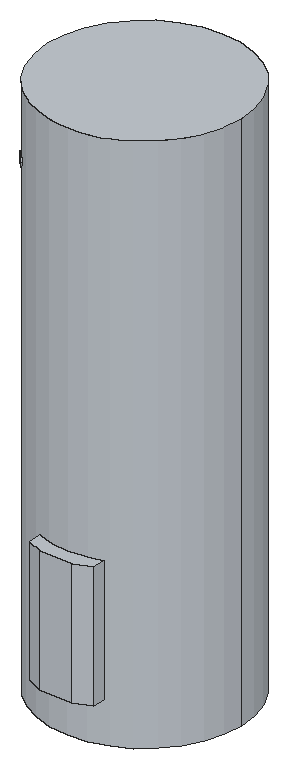
Revit family "Electric_Water_Heater-Rheem-Induro_Series--", category Mechanical Equipment, Revit 2021
Family settings
  Round Connector Dimension = Use Diameter
  Classification = None
  Part Type = Normal
  OmniClass Number = 23.65.00.00
  OmniClass Title = Supply and Distribution of Liquids and Gases
  Work Plane-Based = No
  Always vertical = Yes
  Cut with Voids When Loaded = No
  Shared = No
  Room Calculation Point = No
Parameters (values of type "6N3315M7")
  Water Pressure Drop = 0.0 kPa
  Water Heater Array Quantity [instance] = 1
  Water Flow Warning [instance] = Water Flow > Maximum Flow Rate  # no
  Water Flow [instance] = 0.0 L/s
  Voltage Comments = "400 VAC"
  Voltage = 400 V
  Version = 1
  Unit Weight = 58.000 kgf
  URL = "https://www.rheem.com.au/"
  Top Hook Height = 110 mm
  Tank Volume = 325.00 L
  Tank Outside Radius = Tank Outside Diameter / 2  # 310.5 mm
  Tank Outside Diameter = 621 mm
  Tank Material = Metal - Rheem - Stainless Steel
  Tank Height = 1748 mm
  TPR Valve Vertical Offset = 1403 mm
  TPR Valve Size = 20 mm
  System Flow Coefficient [instance] = if(Water Heater Array Quantity < 2, 1, 1 / Water Heater Array Quantity)  # 100.00%
  Series = "INDURO"  # constant formula
  Product Page URL = "https://www.rheem.com.au/rheem/products/Commercial/Commercial-Electric/Heavy-Duty-Electric/Rheem-Heavy-Duty-Electric-Water-Heater---315L-with-3-Elements/p/61331508"
  Pipe Offset = Tank Outside Radius + 2 mm  # 312.5 mm
  Phase = 3
  Connector Offset 2 [instance] = if(Cold Water Adapter Option, Tank Outside Radius + 83 mm, Pipe Offset)  # 312.5 mm
  Connector Offset 1 [instance] = if(Hot Water Adapter Option, Tank Outside Radius + 83 mm, Pipe Offset)  # 312.5 mm
  Number of Poles = if(and(Voltage < 208 V, Phase = 1), 1, if(and(and(Voltage > 120 V, Voltage < 240 V), Phase = 1), 2, if(and(and(Voltage > 120 V, Voltage < 240 V), Phase = 3), 3, if(and(and(Voltage > 208 V, Voltage < 277 V), Phase = 1), 2, if(and(and(Voltage > 208 V, Voltage < 277 V), Phase = 3), 3, if(and(and(Voltage > 240 V, Voltage < 480 V), Phase = 1), 1, if(and(Voltage > 277 V, Phase = 1), 1, if(and(Voltage > 277 V, Phase = 3), 3, 0))))))))  # 3
  Model = "6N3315M7"
  Maximum Working Pressure = 1000.0 kPa
  Maximum Flow Rate = 315.0 L/s
  Maximum DHW Pressure = 680.0 kPa
  Manufacturer = "Rheem"  # constant formula
  Load Sub-Classification Motor = yes
  Load Classification = Power
  Hot Water Outlet Vertical Offset = 1182 mm
  Hot Water Flow Return Offset = 879 mm
  Hot Water Connection Size = 32 mm
  Full Load Current = 15 A
  Frequency = 60 Hz
  Flow Status [instance] = if(Water Flow Warning, "Flow Rate Exceeds Maximum Delivery Rating", "✔")  # "✔"
  Element Wattage = 3600 W
  Electric Heat Power = 14400 W
  ENGworks Global = "www.ENGworksGlobal.com"
  Description = "Electric Hot Water Heater"
  Default Elevation = 0 mm
  Connector Disk Length = 8 mm
  Cold Water Inlet Vertical Offset = 241 mm
  Cold Water Connection Vertical Offset [instance] = if(Cold Water Adapter Option, 128 mm, Cold Water Inlet Vertical Offset)  # 241 mm
  Cold Water Connection Size = 32 mm
  Cold Water Adapter Option [instance] = no
  Base Mount Offset From Center = 220 mm
  Assembly Code = "D3020"
  Apparent Power = (Full Load Current * Voltage) * if(Phase = 3, sqrt(3), 1)  # 10392.3 VA
  Hot Water Adapter Option [instance] = no
Types (2, lengths in mm): name | Product Page URL | Model | Full Load Current | Element Wattage | Connector Disk Length | Apparent Power
  6N3315M7 | "https://www.rheem.com.au/rheem/products/Commercial/Commercial-Electric/Heavy-Duty-Electric/Rheem-Heavy-Duty-Electric-Water-Heater---315L-with-3-Elements/p/61331508" | "6N3315M7" | 15 A | 3600 W | 8 | 10392.3 VA
  6N3315M8 | "https://www.rheem.com.au/rheem/products/Commercial/Commercial-Electric/c/commercial-electric" | "6N3315M8" | 20 A | 4800 W | 8.336 | 13856.4 VA
Reference planes
  plane 1 "Center (Front/Back)": y = 0
  plane 2: z = 0
  plane 3 "Center (Left/Right)": x = 0
  plane 4: z = 1748
  plane 5: z = 1423
  plane 6: z = 241
  plane 7: x = -335.5
  plane 8: x = -310.5
  plane 9: x = 335.5
  plane 10: y = 310.5
  plane 11: y = -310.5
  plane 12: y = -356.5
  plane 13: z = 132
  plane 14: z = 532
  plane 15: x = -103.5
  plane 16: x = 103.5
  plane 17: y = -333.5
  plane 18: x = -51.75
  plane 19: x = 51.75
  plane 20: y = -155.25
  plane 21: x = 310.5
  plane 22: z = 128
  plane 23: z = 1531
  plane 24: z = 241
Forms (mm)
  Sweep 1, solid, material "Metal - Rheem - Stainless Steel" <- "Tank Material"
    path origin (0, 0, 0) x (1, 0, 0) y (0, 0, 1)
      loop
        line (0, 1748) -> (0, 0)
    profile "Profile-Round : Tank OD Profile" origin (0, 0, 874) x (1, 0, 0) y (0, -1, 0)
      loop
        circle (0, 0) r 310.5
  Sweep 2, solid, material "Metal - Rheem - Stainless Steel" <- "Tank Material"
    path origin (0, 0, 0) x (1, 0, 0) y (0, 0, 1)
      loop
        line (0, 132) -> (0, 532)
    profile origin (0, 0, 332) x (-1, 0, 0) y (0, -1, 0)
      loop
        line (51.75, 356.5) -> (-51.75, 356.5) -> (-103.5, 333.5) -> (-103.5, 155.25) -> (103.5, 155.25) -> (103.5, 333.5) -> (51.75, 356.5)
  Sweep 3, solid, material "Metal - Rheem - Stainless Steel" <- "Tank Material"
    path in 3D
      loop
        line (0, 0, 1423) -> (-306.758, -59.628, 1423)
    profile "Profile-Round : DHW Connection Profile" origin (-153.379, -29.814, 1423) x (0.190809, -0.981627, 0) y (0, 0, 1)
      loop
        circle (0, 0) r 32
  Sweep 4, solid, material "Metal - Rheem - Stainless Steel" <- "Tank Material"
    path in 3D
      loop
        line (0, 0, 241) -> (-306.758, -59.628, 241)
    profile "Profile-Round : Cold Water Connection Profile" origin (-153.379, -29.814, 241) x (0.190809, -0.981627, 0) y (0, 0, 1)
      loop
        circle (0, 0) r 32
  Sweep 5, solid, material "Metal - Rheem - Stainless Steel" <- "Tank Material"
    path in 3D
      loop
        line (0, 0, 1531) -> (-235.847, -205.018, 1531)
    profile "Profile-Round : TPR Valve Profile" origin (-117.923, -102.509, 1531) x (0.656059, -0.75471, 0) y (0, 0, 1)
      loop
        circle (0, 0) r 20
  Sweep 6, solid, not visible, detail levels fine
    path origin (-614.368, -4572, 1423) x (-1, 0, 0) y (0, -1, 0)
      loop
        line (-307.609, -4512.372) -> (-315.462, -4513.899)
    profile "Profile-Round : Connector Disk Radius" origin (-302.832, -58.865, 1423) x (-0.190809, 0.981627, 0) y (0, 0, 1)
      loop
        circle (0, 0) r 8
  Sweep 7, solid, not visible, detail levels fine
    path origin (-614.368, -4572, 241) x (-1, 0, 0) y (0, -1, 0)
      loop
        line (-307.609, -4512.372) -> (-315.462, -4513.899)
    profile "Profile-Round : Connector Disk Radius" origin (-302.832, -58.865, 241) x (-0.190809, 0.981627, 0) y (0, 0, 1)
      loop
        circle (0, 0) r 8
Cuts and joins
  joined: Sweep 1, Sweep 2
Lines and regions (mm)
  reference lines
    curve 1: line (0, 0, 1423) -> (-306.758, -59.628, 1423)
    curve 2: line (0, 0, 241) -> (-306.758, -59.628, 241)
    curve 5: line (0, 0, 1531) -> (-235.847, -205.018, 1531)
    curve 8: line (-325.839, 38.535, 0) -> (-306.758, -59.628, 0)
    curve 9: line (-325.839, 38.535, 0) -> (-306.758, -59.628, 0)
    curve 10: line (-307.492, -13.928, 0) -> (-298.905, -58.101, 0)
    curve 11: line (-310.354, 0.796, 0) -> (-298.905, -58.101, 0)
  sketch lines
    curve 3: line (0, 0, 1423) -> (-306.758, -59.628, 1423)
    curve 4: line (0, 0, 241) -> (-306.758, -59.628, 241)
    curve 6: line (0, 0, 1531) -> (-235.847, -205.018, 1531)
  model lines
    curve 7: circle (0, 0, 0) r 310.5 normal (0, 0, 1)
Dimensions and locks
  "Tank Height": plane 4 to plane 2
  "Cold Water Inlet Vertical Offset": plane 6 to plane 2
  equal spacing: plane 9, plane 3 "Center (Left/Right)", plane 7
  equal spacing: plane 10, plane 1 "Center (Front/Back)", plane 11
  "Tank Outside Radius": plane 1 "Center (Front/Back)" to plane 11
  locked: plane 7 to plane 8 at 25
  "Tank Outside Radius": plane 3 "Center (Left/Right)" to plane 8
  locked: plane 12 to plane 10 at 667
  locked: plane 13 to plane 2 at 132
  locked: plane 14 to plane 13 at 400
  equal spacing: plane 8, plane 15, plane 16, plane 21
  equal spacing: plane 11, plane 17, plane 12
  equal spacing: plane 3 "Center (Left/Right)", plane 19, plane 16
  equal spacing: plane 15, plane 18, plane 3 "Center (Left/Right)"
  equal spacing: plane 1 "Center (Front/Back)", plane 20, plane 11
  "Tank Outside Radius": plane 3 "Center (Left/Right)" to plane 21
  "Pipe Offset": curve 1 to curve 1
  "Pipe Offset": curve 2 to curve 2
  "Pipe Offset": curve 5 to curve 5
  locked: plane 22 to plane 2 at 128
  "TPR Valve Vertical Offset": plane 23 to plane 22
  locked: plane 1 "Center (Front/Back)" to curve 7
  locked: plane 3 "Center (Left/Right)" to curve 7
  "Hot Water Outlet Vertical Offset": plane 5 to plane 6
  locked: curve 8 to curve 2 at 100
  "Connector Offset 1": curve 8 to curve 2
  locked: curve 9 to curve 2 at 100
  "Connector Offset 2": curve 9 to curve 2
  locked: curve 11 to curve 2 at 60
  locked: curve 10 to curve 2 at 45
  "Connector Disk Length": curve 8 to curve 10
  "Connector Disk Length": curve 9 to curve 11
  "Cold Water Connection Vertical Offset": plane 24 to plane 2
  "Tank Outside Radius": radius of curve 7
  locked: plane 1 "Center (Front/Back)" to curve 1 (angle 11.00°)
  locked: plane 1 "Center (Front/Back)" to curve 2 (angle 11.00°)
  locked: plane 1 "Center (Front/Back)" to curve 5 (angle 41.00°)
  locked: curve 2 to curve 8 (angle 90.00°)
  locked: curve 2 to curve 9 (angle 90.00°)
  aligned and locked: plane 2 to level
  aligned and locked: plane 4 to Sweep 1 sketch curve
  aligned and locked: plane 2 to Sweep 1 sketch curve
  aligned and locked: Sweep 1 sketch curve to plane 3 "Center (Left/Right)"
  aligned and locked: plane 3 "Center (Left/Right)" to Sweep 2 sketch curve
  aligned and locked: plane 14 to Sweep 2 sketch curve
  aligned and locked: plane 13 to Sweep 2 sketch curve
  aligned and locked: Sweep 2 sketch curve to plane 16
  aligned and locked: Sweep 2 sketch curve to plane 20
  aligned and locked: Sweep 2 sketch curve to plane 15
  aligned and locked: plane 12 to Sweep 2 sketch curve
  aligned and locked: plane 18 to Sweep 2 sketch curve
  aligned and locked: plane 19 to Sweep 2 sketch curve
  aligned and locked: plane 17 to Sweep 2 sketch curve  (x2)
  aligned and locked: plane 3 "Center (Left/Right)" to curve 1
  aligned and locked: plane 1 "Center (Front/Back)" to curve 2
  aligned and locked: plane 3 "Center (Left/Right)" to curve 2
  aligned and locked: plane 1 "Center (Front/Back)" to curve 5
  aligned and locked: plane 1 "Center (Front/Back)" to nested 1
  aligned and locked: plane 3 "Center (Left/Right)" to nested 1
  aligned and locked: curve 1 to nested 2
  aligned and locked: curve 1 to nested 3
  aligned and locked: plane 6 to nested 3
  aligned and locked: plane 5 to nested 2
  aligned and locked: curve 2 to curve 8
  aligned and locked: curve 2 to curve 9
  aligned and locked: curve 2 to curve 11
  aligned and locked: curve 2 to curve 10
  aligned and locked: curve 8 to Sweep 6 sketch curve
  aligned and locked: curve 10 to Sweep 6 sketch curve
  aligned and locked: Sweep 6 sketch curve to curve 2
  aligned and locked: curve 11 to Sweep 7 sketch curve
  aligned and locked: curve 9 to Sweep 7 sketch curve
  aligned and locked: Sweep 7 sketch curve to curve 2
Automatic sketch dimensions
  curve 5 to plane 3 "Center (Left/Right)" = 0 mm
  plane 1 "Center (Front/Back)" to curve 1 = 0 mm
Nested families
  nested 1: "Symbol-Warning_Message" at (0, 0, 0), visible <- "Water Flow Warning", type "Symbol"
  nested 2: "Hot Water Threaded Adapter" at (-306.758, -59.628, 1423) x (-0.9816, -0.1908, 0) z (0, 0, 1), visible <- "Hot Water Adapter Option", type "Standard", detail levels fine
    with built-in parameter 1114238 (empty or 0)
  nested 3: "Cold Water Threaded Adapter" at (-306.758, -59.628, 241) x (-0.9816, -0.1908, 0) z (0, 0, 1), visible <- "Cold Water Adapter Option", type "Standard", detail levels fine
    with built-in parameter 1114238 (empty or 0)
Connectors
  piping at (-306.758, -59.628, 241), diameter 32, driven by "Cold Water Connection Size", driven by "Water Flow", driven by "Water Pressure Drop"
    settings: on Sweep 7, index 1, connector inside diameter 609.6 mm, connector length 0 mm, flow factor 0, pipe flow 0.0 L/s, pressure drop 0.0 kPa, fitting loss kfactor 0, connector angle 0.00°, fixture units 0, engagement length 0 mm, angle of deflection 0.00°, flow configuration 1, flow direction 1, fitting loss method 4, system type 20, joint type 0, gender type 0, connector reference index -1, connector utility 0, adjustable connector no, is connector primary yes, connector description "Cold Water Inlet"
  piping at (-306.758, -59.628, 1423), diameter 32, driven by "Hot Water Connection Size", driven by "System Flow Coefficient", driven by "Water Flow"
    settings: on Sweep 6, index 2, connector inside diameter 609.6 mm, connector length 0 mm, flow factor 1, pipe flow 0.0 L/s, pressure drop 0.0 kPa, fitting loss kfactor 0, connector angle 0.00°, fixture units 0, engagement length 0 mm, angle of deflection 0.00°, flow configuration 2, flow direction 2, fitting loss method 0, system type 19, joint type 0, gender type 0, connector reference index -1, connector utility 0, adjustable connector no, is connector primary no, connector description "Hot Water Supply"
  piping at (-235.847, -205.018, 1531), diameter 20, driven by "TPR Valve Size"
    settings: on Sweep 5, index 3, connector inside diameter 609.6 mm, connector length 0 mm, flow factor 0, pipe flow 0.0 L/s, pressure drop 0.0 kPa, fitting loss kfactor 0, connector angle 0.00°, fixture units 0, engagement length 0 mm, angle of deflection 0.00°, flow configuration 1, flow direction 2, fitting loss method 0, system type 22, joint type 0, gender type 0, connector reference index -1, connector utility 0, adjustable connector no, is connector primary no, connector description "T&PR Valve Outlet"
  electrical at (0, -281.75, 132), driven by "Number of Poles", driven by "Load Classification", driven by "Load Sub-Classification Motor", driven by "Voltage", driven by "Apparent Power"
    settings: on Sweep 2, index 4, voltage 400 V, apparent load 10392.3 VA, apparent load phase1 0 VA, apparent load phase2 0 VA, apparent load phase3 0 VA, power factor 1, load classification "Power", number of poles 3, system type 30, power factor state 1, is connector primary yes, connector utility no, sub classification motor yes, connector description "Power"
Definition of nested family "Hot Water Threaded Adapter"
  Parameters (values of type "Standard")
    URL = "https://www.rheem.com.au/"
    Thread Length = Adapter Length * 0.15  # 12.15 mm
    Model = ""
    Manufacturer = "Rheem"  # constant formula
    built-in parameter 1114238 [instance] = (empty or 0)
    Inside Radius = 10 mm
    Hex Circumscribe Length = Inside Radius * 3  # 30 mm
    ENGworks Global = "www.ENGworksGlobal.com"
    Description = ""
    Default Elevation = 0 mm
    Assembly Code = "D3020"
    Adapter Length = 81 mm
  Reference planes
    plane 1 "Center (Front/Back)": y = 0
    plane 2 "Center (Elevation)": z = 0
    plane 3 "Center (Left/Right)": x = 0
    plane 4: x = 81
    plane 5: x = 68.85
  Forms (mm)
    Sweep 1, solid
      path origin (0, 0, 0) x (1, 0, 0) y (0, 1, 0)
        loop
          line (0, 0) -> (68.85, 0)
      profile "Profile-Pipe OR : Profile-Pipe OR" origin (34.425, 0, 0) x (0, 1, 0) y (0, 0, 1)
        loop
          circle (0, 0) r 10
    Sweep 2, solid
      path origin (0, 0, 0) x (1, 0, 0) y (0, 1, 0)
        loop
          line (68.85, 0) -> (81, 0)
      profile "Profile-Hex_With_Hole : Hex Flare Nut Profile With Hole" origin (74.925, 0, 0) x (0, 1, 0) y (0, 0, 1)
        loop
          circle (0, 0) r 10
        loop
          line (-8.66, -15) -> (8.66, -15) -> (17.321, 0) -> (8.66, 15) -> (-8.66, 15) -> (-17.321, 0) -> (-8.66, -15)
  Dimensions and locks
    "Adapter Length": plane 3 "Center (Left/Right)" to plane 4
    "Thread Length": plane 5 to plane 4
    aligned and locked: plane 2 "Center (Elevation)" to level
    aligned and locked: plane 5 to Sweep 1 sketch curve
    aligned and locked: plane 3 "Center (Left/Right)" to Sweep 1 sketch curve
    aligned and locked: plane 1 "Center (Front/Back)" to Sweep 1 sketch curve
    aligned and locked: plane 4 to Sweep 2 sketch curve
    aligned and locked: plane 5 to Sweep 2 sketch curve
    aligned and locked: plane 1 "Center (Front/Back)" to Sweep 2 sketch curve
Definition of nested family "Cold Water Threaded Adapter"
  Parameters (values of type "Standard")
    URL = "https://www.rheem.com.au/"
    Outside Radius = Inside Radius * 1.5  # 15 mm
    Model = ""
    Manufacturer = "Rheem"  # constant formula
    built-in parameter 1114238 [instance] = (empty or 0)
    Inside Radius = 10 mm
    Fillet = 20 mm
    ENGworks Global = "www.ENGworksGlobal.com"
    Description = ""
    Default Elevation = 0 mm
    Assembly Code = "D3020"
    Adapter Length = 81 mm
  Reference planes
    plane 1 "Center (Front/Back)": y = 0
    plane 2 "Center (Elevation)": z = 0
    plane 3 "Center (Left/Right)": x = 0
    plane 4: x = 81
    plane 5: z = -112
    plane 6: z = -40.5
    plane 7: z = -71.5
    plane 8: x = 40.5
    plane 9: x = 20.5
    plane 10: x = 60.5
    plane 11: z = -20
    plane 12: z = -92
  Forms (mm)
    Sweep 1, solid
      path origin (0, 0, 0) x (1, 0, 0) y (0, 0, 1)
        loop
          line (0, 0) -> (20.5, 0)
          arc (20.5, 0) -> (34.642, -5.858) -> (40.5, -20) r 20
          line (40.5, -20) -> (40.5, -92)
          arc (40.5, -92) -> (46.358, -106.142) -> (60.5, -112) r 20
          line (60.5, -112) -> (81, -112)
      profile "Profile-Pipe IR and OR : Profile-Pipe IR and OR" origin (10.25, 0, 0) x (0, 0, 1) y (0, -1, 0)
        loop
          circle (0, 0) r 10
        loop
          circle (0, 0) r 15
  Dimensions and locks
    "Adapter Length": plane 3 "Center (Left/Right)" to plane 4
    locked: plane 2 "Center (Elevation)" to plane 5 at 112
    locked: plane 2 "Center (Elevation)" to plane 6 at 40.5
    locked: plane 7 to plane 5 at 40.5
    equal spacing: plane 4, plane 8, plane 3 "Center (Left/Right)"
    equal spacing: plane 10, plane 8, plane 9
    "Fillet": plane 8 to plane 9
    "Fillet": plane 2 "Center (Elevation)" to plane 11
    "Fillet": plane 12 to plane 5
    aligned and locked: plane 2 "Center (Elevation)" to level
    aligned and locked: plane 8 to Sweep 1 sketch curve
    aligned and locked: plane 2 "Center (Elevation)" to Sweep 1 sketch curve
    aligned and locked: plane 9 to Sweep 1 sketch curve
    aligned and locked: plane 3 "Center (Left/Right)" to Sweep 1 sketch curve
    aligned and locked: Sweep 1 sketch curve to plane 2 "Center (Elevation)"
    aligned and locked: plane 10 to Sweep 1 sketch curve
    aligned and locked: plane 4 to Sweep 1 sketch curve
    aligned and locked: Sweep 1 sketch curve to plane 5
    aligned and locked: plane 12 to Sweep 1 sketch curve
    aligned and locked: plane 11 to Sweep 1 sketch curve
    aligned and locked: Sweep 1 sketch curve to plane 8
Definition of nested family "Symbol-Warning_Message"
  Parameters (values of type "Symbol")
    Warning Message = "ERROR"
  Reference planes
    plane 1: y = 0
    plane 2: x = 0
  Text (mm)
    label "WarningﾠMessage" at (0.83, -12.208, 0), shows "Warning Message"
    text "⚠" at (-14.805, 31.301, 0)
